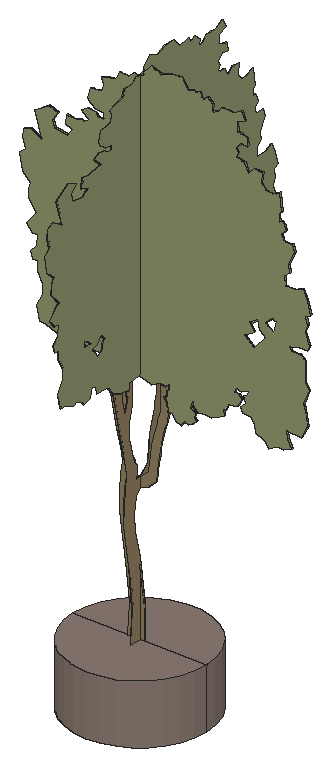
Revit family "L-PL낙엽교목_모감주나무", category 수목, Revit 2019
Family settings
  OmniClass 번호 = 23.40.05.00
  OmniClass 제목 = Plants and Planting Products
  작업 기준면 기반 = 아니오
  항상 수직 = 예
  로드될 때 보이드를 사용하여 절단 = 아니오
  렌더 모양 소스 = 패밀리 형상
  공유 = 아니오
Parameters (values of type "모감주나무")
  한국산업규격KS = ""
  콘 높이 = 뿌리분 직경 / 4  # 272.5 mm
  조달청표준공사코드-세부공종 = "10161599202809"
  뿌리분 직경 = (24 mm + ((R / 10) - 3 mm) * 5) * 10  # 1090 mm
  뿌리분 높이 = 뿌리분 직경 / 2  # 545 mm
  높이 = 5000 mm
  건설정보분류체계-부위분류 = "E985"
  R = 200 mm
  LIM_INFO_주의사항 = "재배포, 재가공, 판매 금지"
  LIM_INFO_제작일 = "20211210"
  LIM_INFO_버전 = "2022_V01"
  LIM_INFO_PL_학명 = "Quercus myrsinaefolia Bl."
  LIM_INFO_PL_품명 = "가시나무"
  LIM_INFO_PL_주당인정수량 = 0
  LIM_INFO_PL_수목단위 = "주"
  LIM_INFO_PL_규격 = "5.0H X 18R"
  LIM_INFO_PL_구분 = "상록교목"
  LIM_INFO_PL_가격 = 0
  LIM_INFO_PL_Qty [instance] = 0
  LIM_INFO_PL_M2당수량 = 0
  KBIMS_식별-버전 = ""
  KBIMS_식별-bSK등록번호 = ""
  KBIMS_보급정보-저작자 = "림인포테크_MMJ"
  KBIMS_보급정보-보급코드 = ""
  H = 높이  # 5000 mm
Reference planes
  plane 1 "중심(앞/뒤)": y = 0
  plane 2: z = 0
  plane 3 "중심(왼쪽/오른쪽)": x = 0
  plane 4: x = 482.5
  plane 5: x = -607.5
  plane 6: z = -545
  plane 7: z = -817.5
  plane 8: z = 5000
  plane 9: x = -100
  plane 10: x = 100
Forms (mm)
  Revolve 1, solid, material "흙"
    sketch origin (0, 0, 0) x (1, 0, 0) y (0, 0, 1)
      loop
        line (0, 0) -> (-607.5, 0) -> (-607.5, -545) -> (0, -545) -> (0, 0)
      axis (0, 0) -> (0, -545)
    angle from 0 to 360
  Revolve 2, solid, material "흙"
    sketch origin (0, 0, 0) x (1, 0, 0) y (0, 0, 1)
      loop
        line (0, -545) -> (-607.5, -545) -> (0, -817.5) -> (0, -545)
      axis (0, -545) -> (0, -817.5)
    angle from 0 to 360
Dimensions and locks
  "뿌리분 직경": plane 4 to plane 5
  "뿌리분 높이": plane 6 to level
  "콘 높이": plane 7 to plane 6
  "H": level to plane 8
  "R": plane 9 to plane 10
  aligned and locked: level to plane 2
Automatic sketch dimensions
  Revolve 1 sketch curve to level = 0 mm  (x2)
  Revolve 1 sketch curve to plane 5 = 0 mm
  Revolve 1 sketch curve to plane 3 "중심(왼쪽/오른쪽)" = 0 mm  (x2)
  Revolve 1 sketch curve to plane 6 = 0 mm  (x2)
  Revolve 2 sketch curve to plane 5 = 0 mm
  Revolve 2 sketch curve to plane 3 "중심(왼쪽/오른쪽)" = 0 mm  (x2)
  Revolve 2 sketch curve to plane 7 = 0 mm  (x2)
  Revolve 2 sketch curve to plane 6 = 0 mm  (x2)
Nested families
  nested 1: "모감주나무_base" at (0, 0, 0), type "모감주나무_base"
Definition of nested family "모감주나무_base"
  Parameters (values of type "모감주나무_base")
    Height = 6000 mm
  Reference planes
    plane 1 "중심(앞/뒤)": y = 0
    plane 2: z = 0
    plane 3 "중심(왼쪽/오른쪽)": x = 0
  Forms (mm)
    Revolve 1, solid, detail levels coarse
      sketch origin (0, 0, 0) x (1, 0, 0) y (0, 0, 1)
        loop
          line (0, 0) -> (75, 0) -> (75, 1996.077)
          arc (75, 1996.077) -> (857.545, 2292.562) -> (1218.931, 3047.334) r 1125.101
          arc (1218.931, 3047.334) -> (901.103, 4018.38) -> (0, 4500) r 1371.065
          line (0, 4500) -> (0, 0)
        axis (0, 4500) -> (0, 0)
      angle from 0 to 360
    Extrusion 2, solid, detail levels fine
      sketch origin (0, 0, 0) x (1, 0, 0) y (0, 0, 1)
        loop
          line (-488.206, 2210.811) -> (-368.802, 2212.676) -> (-325.892, 2147.401) -> (-236.339, 2100.776) -> (-124.397, 2085.856) -> (-120.666, 2141.806) -> (-11.239, 2153.162) -> (70.091, 2133.632) -> (119.365, 2111.431) -> (199.871, 2155.833) -> (240.819, 2139.182) -> (275.519, 2175.952) -> (274.179, 2126.809) -> (255.883, 2106.342) -> (256.754, 2075.425) -> (230.618, 2056.265) -> (252.399, 2020.994) -> (255.883, 1981.368) -> (261.981, 1948.709) -> (309.102, 1946.077) -> (336.373, 1899.189) -> (388.236, 1879.113) -> (416.141, 1913.983) -> (448.233, 1907.706) -> (490.789, 1927.93) -> (526.369, 1960.011) -> (503.347, 1987.906) -> (520.658, 2022.509) -> (473.733, 2054.714) -> (489.142, 2105.123) -> (507.352, 2065.965) -> (538.841, 2037.859) -> (607.443, 2040.108) -> (658.051, 2032.239) -> (694.038, 2060.343) -> (734.525, 2071.586) -> (777.259, 2097.442) -> (770.512, 2136.79) -> (794.128, 2149.156) -> (815.497, 2197.497) -> (859.356, 2206.49) -> (900.966, 2217.732) -> (938.115, 2282.764) -> (908.799, 2317.705) -> (867.08, 2318.833) -> (888.503, 2350.393) -> (934.732, 2347.011) -> (996.748, 2377.444) -> (985.473, 2332.359) -> (952.774, 2318.833) -> (971.942, 2256.84) -> (925.713, 2217.39) -> (940.371, 2179.067) -> (1011.406, 2164.415) -> (1055.381, 2122.71) -> (1061.019, 2055.082) -> (1143.33, 2016.758) -> (1181.667, 1964.91) -> (1261.723, 2009.996) -> (1318.101, 2006.614) -> (1389.859, 2039.382) -> (1352.262, 2111.658) -> (1343.586, 2169.479) -> (1476.621, 2160.806) -> (1534.463, 2267.774) -> (1520.002, 2360.287) -> (1499.758, 2447.018) -> (1551.816, 2565.55) -> (1514.218, 2623.371) -> (1511.327, 2796.833) -> (1467.971, 2836.705) -> (1394.296, 2829.907) -> (1372.76, 2868.43) -> (1462.304, 2892.224) -> (1530.31, 2884.293) -> (1556.38, 2938.679) -> (1545.046, 2951.142) -> (1510.894, 3033.52) -> (1534.493, 3095.217) -> (1518.155, 3162.357) -> (1561.722, 3185.948) -> (1530.863, 3298.453) -> (1494.557, 3378.295) -> (1434.653, 3351.076) -> (1329.367, 3347.447) -> (1325.737, 3429.104) -> (1372.276, 3467.82) -> (1364.322, 3538.252) -> (1418.869, 3643.9) -> (1398.414, 3707.516) -> (1320.001, 3700.7) -> (1299.159, 3758.308) -> (1340.638, 3799.058) -> (1326.334, 3840.521) -> (1306.31, 3867.687) -> (1283.425, 3849.1) -> (1275.559, 3913.44) -> (1299.159, 3937.747) -> (1282.113, 4090.185) -> (1223.568, 4059.094) -> (1157.705, 4057.265) -> (1115.625, 4108.473) -> (1126.602, 4198.087) -> (1053.421, 4203.574) -> (996.705, 4152.366) -> (963.32, 4222.772) -> (884.445, 4241.109) -> (904.623, 4279.616) -> (884.445, 4316.289) -> (930.303, 4365.797) -> (990.835, 4362.13) -> (983.498, 4429.975) -> (899.12, 4451.978) -> (897.285, 4530.825) -> (968.824, 4560.163) -> (935.806, 4633.509) -> (864.267, 4589.502) -> (809.238, 4596.836) -> (750.541, 4593.169) -> (721.191, 4547.328) -> (667.996, 4539.993) -> (673.499, 4595.003) -> (625.806, 4639.01) -> (574.343, 4606.274) -> (556, 4655.783) -> (451.443, 4635.613) -> (383.574, 4716.294) -> (291.859, 4708.959) -> (209.314, 4674.119) -> (112.096, 4712.626) -> (46.06, 4633.78) -> (47.895, 4604.441) -> (-19.974, 4589.772) -> (-41.987, 4600.773) -> (-90.469, 4557.69) -> (-178.861, 4561.372) -> (-200.959, 4493.261) -> (-269.095, 4482.215) -> (-342.755, 4456.444) -> (-318.815, 4412.264) -> (-331.706, 4355.198) -> (-372.219, 4342.312) -> (-444.068, 4336.656) -> (-464.325, 4251.978) -> (-444.068, 4213.32) -> (-394.348, 4180.185) -> (-324.371, 4172.822) -> (-322.529, 4130.483) -> (-363.043, 4128.642) -> (-398.031, 4154.414) -> (-462.483, 4163.618) -> (-517.729, 4130.483) -> (-449.593, 4064.213) -> (-576.657, 4034.759) -> (-654, 4045.804) -> (-668.732, 3964.807) -> (-600.596, 3940.877) -> (-644.792, 3885.652) -> (-765.193, 3901.21) -> (-782.912, 3960.251) -> (-732.709, 4034.051) -> (-812.441, 4063.571) -> (-948.285, 3977.963) -> (-915.8, 3862.834) -> (-886.269, 3768.369) -> (-983.722, 3821.506) -> (-1045.736, 3794.938) -> (-1054.596, 3724.089) -> (-1028.017, 3632.576) -> (-1081.173, 3591.248) -> (-1057.548, 3446.599) -> (-983.722, 3375.751) -> (-1001.44, 3316.711) -> (-1007.346, 3242.91) -> (-927.612, 3148.446) -> (-1023.449, 3032.67) -> (-969.788, 2970.681) -> (-921.596, 2970.681) -> (-933.808, 2873.536) -> (-980.956, 2816.978) -> (-965.633, 2759.243) -> (-925.557, 2759.243) -> (-925.557, 2679.121) -> (-877.23, 2587.217) -> (-877.23, 2553.047) -> (-877.23, 2496.49) -> (-931.45, 2401.05) -> (-906.604, 2277.831) -> (-848.822, 2271.062) -> (-748.905, 2230.811) -> (-728.027, 2248.7) -> (-672.104, 2226.339) -> (-639.236, 2187.605) -> (-574.802, 2210.338) -> (-553.505, 2302.197) -> (-501.266, 2277.952) -> (-488.206, 2210.811)
        loop
          line (962.928, 2817.724) -> (1052.032, 2741.144) -> (1152.546, 2858.097) -> (1095.743, 2906.915) -> (1079.732, 2989.614) -> (1006.117, 2940.454) -> (1049.478, 2875.523) -> (962.928, 2817.724)
        loop
          line (-566.275, 2594.773) -> (-512.271, 2556.535) -> (-480.77, 2508.175) -> (-428.012, 2542.542) -> (-428.012, 2589.15) -> (-403.142, 2620.641) -> (-451.519, 2675.749) -> (-494.272, 2613.892) -> (-547.149, 2594.773) -> (-566.275, 2594.773)
        loop
          line (-616.787, 2700.056) -> (-639.596, 2700.056) -> (-639.596, 2649.896) -> (-562.047, 2649.896) -> (-616.787, 2700.056)
        loop
          line (1250.82, 3023.929) -> (1211.533, 3040.001) -> (1151.78, 2980.773) -> (1220.496, 2921.715) -> (1250.82, 3023.929)
      from 0 to 5
    Extrusion 3, solid, detail levels fine
      sketch origin (0, 0, 0) x (1, 0, 0) y (0, 0, 1)
        loop
          line (-212.963, 1688.735) -> (-160.26, 1474.232) -> (-148.966, 1391.441) -> (-163.244, 1300.446) -> (-173.978, 1150.838) -> (-180.142, 992.679) -> (-161.649, 855.059) -> (-126.662, 657.351) -> (-108.992, 516.843) -> (-84.579, 276.812) -> (-102.684, 0.412) -> (47.316, 0.412) -> (47.316, 272.176) -> (-1.751, 671.093) -> (-56.94, 897.903) -> (-71.386, 1045.802) -> (-52.707, 1186.178) -> (-9.539, 1228.062) -> (94.575, 1277.561) -> (157.095, 1336.203) -> (176.506, 1496.086) -> (191.464, 1559.013) -> (193.011, 1611.652) -> (201.53, 1665.066) -> (234.829, 1801.309) -> (249.506, 1827.951) -> (256.512, 1862.464) -> (272.782, 1942.615) -> (258.246, 1944.021) -> (248.737, 2019.527) -> (226.667, 2057.886) -> (251.609, 2076.732) -> (251.609, 2107.166) -> (271.046, 2129.29) -> (271.046, 2164.64) -> (241.421, 2133.738) -> (200.671, 2150.009) -> (200.671, 2112.447) -> (194.619, 2019.847) -> (192.283, 1923.355) -> (171.265, 1848.652) -> (168.152, 1812.078) -> (136.92, 1698.157) -> (115.123, 1620.341) -> (108.896, 1543.304) -> (88.656, 1393.119) -> (16.846, 1330.563) -> (-49.835, 1313.106) -> (-42.691, 1375.795) -> (-43.484, 1443.245) -> (-70.474, 1473.399) -> (-124.752, 1684.296) -> (-123.759, 1738.87) -> (-129.437, 1821.495) -> (-123.003, 1861.082) -> (-91.816, 1942.235) -> (-89.836, 1984.792) -> (-94.787, 2064.955) -> (-94.787, 2139.676) -> (-115.082, 2137.696) -> (-118.361, 2079.533) -> (-151.751, 2082.57) -> (-141.498, 1995.849) -> (-175.411, 1893.36) -> (-207.151, 2032.903) -> (-207.151, 2091.811) -> (-238.502, 2095.729) -> (-304.636, 2128.048) -> (-253.2, 1880.261) -> (-212.963, 1688.735)
      from 0 to 5
    Extrusion 4, solid, detail levels fine
      sketch origin (0, 0, 0) x (0, 1, 0) y (0, 0, 1)
        loop
          line (-488.206, 2210.811) -> (-368.802, 2212.676) -> (-325.892, 2147.401) -> (-236.339, 2100.776) -> (-124.397, 2085.856) -> (-120.666, 2141.806) -> (-11.239, 2153.162) -> (70.091, 2133.632) -> (119.365, 2111.431) -> (199.871, 2155.833) -> (240.819, 2139.182) -> (275.519, 2175.952) -> (274.179, 2126.809) -> (255.883, 2106.342) -> (256.754, 2075.425) -> (230.618, 2056.265) -> (252.399, 2020.994) -> (255.883, 1981.368) -> (261.981, 1948.709) -> (309.102, 1946.077) -> (336.373, 1899.189) -> (388.236, 1879.113) -> (416.141, 1913.983) -> (448.233, 1907.706) -> (490.789, 1927.93) -> (526.369, 1960.011) -> (503.347, 1987.906) -> (520.658, 2022.509) -> (473.733, 2054.714) -> (489.142, 2105.123) -> (507.352, 2065.965) -> (538.841, 2037.859) -> (607.443, 2040.108) -> (658.051, 2032.239) -> (694.038, 2060.343) -> (734.525, 2071.586) -> (777.259, 2097.442) -> (770.512, 2136.79) -> (794.128, 2149.156) -> (815.497, 2197.497) -> (859.356, 2206.49) -> (900.966, 2217.732) -> (938.115, 2282.764) -> (908.799, 2317.705) -> (867.08, 2318.833) -> (888.503, 2350.393) -> (934.732, 2347.011) -> (996.748, 2377.444) -> (985.473, 2332.359) -> (952.774, 2318.833) -> (971.942, 2256.84) -> (925.713, 2217.39) -> (940.371, 2179.067) -> (1011.406, 2164.415) -> (1055.381, 2122.71) -> (1061.019, 2055.082) -> (1143.33, 2016.758) -> (1181.667, 1964.91) -> (1261.723, 2009.996) -> (1318.101, 2006.614) -> (1389.859, 2039.382) -> (1352.262, 2111.658) -> (1343.586, 2169.479) -> (1476.621, 2160.806) -> (1534.463, 2267.774) -> (1520.002, 2360.287) -> (1499.758, 2447.018) -> (1551.816, 2565.55) -> (1514.218, 2623.371) -> (1511.327, 2796.833) -> (1467.971, 2836.705) -> (1394.296, 2829.907) -> (1372.76, 2868.43) -> (1462.304, 2892.224) -> (1530.31, 2884.293) -> (1556.38, 2938.679) -> (1545.046, 2951.142) -> (1510.894, 3033.52) -> (1534.493, 3095.217) -> (1518.155, 3162.357) -> (1561.722, 3185.948) -> (1530.863, 3298.453) -> (1494.557, 3378.295) -> (1434.653, 3351.076) -> (1329.367, 3347.447) -> (1325.737, 3429.104) -> (1372.276, 3467.82) -> (1364.322, 3538.252) -> (1418.869, 3643.9) -> (1398.414, 3707.516) -> (1320.001, 3700.7) -> (1299.159, 3758.308) -> (1340.638, 3799.058) -> (1326.334, 3840.521) -> (1306.31, 3867.687) -> (1283.425, 3849.1) -> (1275.559, 3913.44) -> (1299.159, 3937.747) -> (1282.113, 4090.185) -> (1223.568, 4059.094) -> (1157.705, 4057.265) -> (1115.625, 4108.473) -> (1126.602, 4198.087) -> (1053.421, 4203.574) -> (996.705, 4152.366) -> (963.32, 4222.772) -> (884.445, 4241.109) -> (904.623, 4279.616) -> (884.445, 4316.289) -> (930.303, 4365.797) -> (990.835, 4362.13) -> (983.498, 4429.975) -> (899.12, 4451.978) -> (897.285, 4530.825) -> (968.824, 4560.163) -> (935.806, 4633.509) -> (864.267, 4589.502) -> (809.238, 4596.836) -> (750.541, 4593.169) -> (721.191, 4547.328) -> (667.996, 4539.993) -> (673.499, 4595.003) -> (625.806, 4639.01) -> (574.343, 4606.274) -> (556, 4655.783) -> (451.443, 4635.613) -> (383.574, 4716.294) -> (291.859, 4708.959) -> (209.314, 4674.119) -> (112.096, 4712.626) -> (46.06, 4633.78) -> (47.895, 4604.441) -> (-19.974, 4589.772) -> (-41.987, 4600.773) -> (-90.469, 4557.69) -> (-178.861, 4561.372) -> (-200.959, 4493.261) -> (-269.095, 4482.215) -> (-342.755, 4456.444) -> (-318.815, 4412.264) -> (-331.706, 4355.198) -> (-372.219, 4342.312) -> (-444.068, 4336.656) -> (-464.325, 4251.978) -> (-444.068, 4213.32) -> (-394.348, 4180.185) -> (-324.371, 4172.822) -> (-322.529, 4130.483) -> (-363.043, 4128.642) -> (-398.031, 4154.414) -> (-462.483, 4163.618) -> (-517.729, 4130.483) -> (-449.593, 4064.213) -> (-576.657, 4034.759) -> (-654, 4045.804) -> (-668.732, 3964.807) -> (-600.596, 3940.877) -> (-644.792, 3885.652) -> (-765.193, 3901.21) -> (-782.912, 3960.251) -> (-732.709, 4034.051) -> (-812.441, 4063.571) -> (-948.285, 3977.963) -> (-915.8, 3862.834) -> (-886.269, 3768.369) -> (-983.722, 3821.506) -> (-1045.736, 3794.938) -> (-1054.596, 3724.089) -> (-1028.017, 3632.576) -> (-1081.173, 3591.248) -> (-1057.548, 3446.599) -> (-983.722, 3375.751) -> (-1001.44, 3316.711) -> (-1007.346, 3242.91) -> (-927.612, 3148.446) -> (-1023.449, 3032.67) -> (-969.788, 2970.681) -> (-921.596, 2970.681) -> (-933.808, 2873.536) -> (-980.956, 2816.978) -> (-965.633, 2759.243) -> (-925.557, 2759.243) -> (-925.557, 2679.121) -> (-877.23, 2587.217) -> (-877.23, 2553.047) -> (-877.23, 2496.49) -> (-931.45, 2401.05) -> (-906.604, 2277.831) -> (-848.822, 2271.062) -> (-748.905, 2230.811) -> (-728.027, 2248.7) -> (-672.104, 2226.339) -> (-639.236, 2187.605) -> (-574.802, 2210.338) -> (-553.505, 2302.197) -> (-501.266, 2277.952) -> (-488.206, 2210.811)
        loop
          line (962.928, 2817.724) -> (1052.032, 2741.144) -> (1152.546, 2858.097) -> (1095.743, 2906.915) -> (1079.732, 2989.614) -> (1006.117, 2940.454) -> (1049.478, 2875.523) -> (962.928, 2817.724)
        loop
          line (-566.275, 2594.773) -> (-512.271, 2556.535) -> (-480.77, 2508.175) -> (-428.012, 2542.542) -> (-428.012, 2589.15) -> (-403.142, 2620.641) -> (-451.519, 2675.749) -> (-494.272, 2613.892) -> (-547.149, 2594.773) -> (-566.275, 2594.773)
        loop
          line (-616.787, 2700.056) -> (-639.596, 2700.056) -> (-639.596, 2649.896) -> (-562.047, 2649.896) -> (-616.787, 2700.056)
        loop
          line (1250.82, 3023.929) -> (1211.533, 3040.001) -> (1151.78, 2980.773) -> (1220.496, 2921.715) -> (1250.82, 3023.929)
      from 0 to 5
    Extrusion 5, solid, detail levels fine
      sketch origin (0, 0, 0) x (0, 1, 0) y (0, 0, 1)
        loop
          line (-212.963, 1688.735) -> (-160.26, 1474.232) -> (-148.966, 1391.441) -> (-163.244, 1300.446) -> (-173.978, 1150.838) -> (-180.142, 992.679) -> (-161.649, 855.059) -> (-126.662, 657.351) -> (-108.992, 516.843) -> (-84.579, 276.812) -> (-102.684, 0.412) -> (47.316, 0.412) -> (47.316, 272.176) -> (-1.751, 671.093) -> (-56.94, 897.903) -> (-71.386, 1045.802) -> (-52.707, 1186.178) -> (-9.539, 1228.062) -> (94.575, 1277.561) -> (157.095, 1336.203) -> (176.506, 1496.086) -> (191.464, 1559.013) -> (193.011, 1611.652) -> (201.53, 1665.066) -> (234.829, 1801.309) -> (249.506, 1827.951) -> (256.512, 1862.464) -> (272.782, 1942.615) -> (258.246, 1944.021) -> (248.737, 2019.527) -> (226.667, 2057.886) -> (251.609, 2076.732) -> (251.609, 2107.166) -> (271.046, 2129.29) -> (271.046, 2164.64) -> (241.421, 2133.738) -> (200.671, 2150.009) -> (200.671, 2112.447) -> (194.619, 2019.847) -> (192.283, 1923.355) -> (171.265, 1848.652) -> (168.152, 1812.078) -> (136.92, 1698.157) -> (115.123, 1620.341) -> (108.896, 1543.304) -> (88.656, 1393.119) -> (16.846, 1330.563) -> (-49.835, 1313.106) -> (-42.691, 1375.795) -> (-43.484, 1443.245) -> (-70.474, 1473.399) -> (-124.752, 1684.296) -> (-123.759, 1738.87) -> (-129.437, 1821.495) -> (-123.003, 1861.082) -> (-91.816, 1942.235) -> (-89.836, 1984.792) -> (-94.787, 2064.955) -> (-94.787, 2139.676) -> (-115.082, 2137.696) -> (-118.361, 2079.533) -> (-151.751, 2082.57) -> (-141.498, 1995.849) -> (-175.411, 1893.36) -> (-207.151, 2032.903) -> (-207.151, 2091.811) -> (-238.502, 2095.729) -> (-304.636, 2128.048) -> (-253.2, 1880.261) -> (-212.963, 1688.735)
      from 0 to 5
  Lines and regions (mm)
    symbolic lines
      curve 1: line (437.159, 683.902, 0) -> (804.669, 1320.447, 0)
      curve 2: line (337.673, 732.963, 0) -> (618.953, 1412.032, 0)
      curve 3: line (437.159, -784.899, 0) -> (804.669, -1421.444, 0)
      curve 4: line (529.39, -723.272, 0) -> (976.842, -1306.402, 0)
      curve 5: line (123.841, -891.256, 0) -> (219.78, -1619.987, 0)
      curve 6: line (232.635, -869.616, 0) -> (422.872, -1579.59, 0)
      curve 7: line (337.673, -833.96, 0) -> (618.953, -1513.029, 0)
      curve 8: line (529.39, 622.275, 0) -> (976.842, 1205.405, 0)
      curve 9: line (612.789, 549.137, 0) -> (1132.526, 1068.874, 0)
      curve 10: line (685.927, 465.739, 0) -> (1269.057, 913.19, 0)
      curve 11: line (-827.605, -161.187, 0) -> (-1556.336, -257.126, 0)
      curve 12: line (-834.859, -50.499, 0) -> (-1569.879, -50.499, 0)
      curve 13: line (-827.605, 60.189, 0) -> (-1556.336, 156.128, 0)
      curve 14: line (-805.964, 168.983, 0) -> (-1515.938, 359.22, 0)
      curve 15: line (-770.308, 274.022, 0) -> (-1449.378, 555.301, 0)
      curve 16: circle (0, -1.751, 0) r 94.543 normal (0, 0, 1)
      curve 17: arc (926.295, -1240.529, 0) -> (1500.32, -246.288, 0) -> (1203.183, 862.643, 0) r 1500
      curve 18: arc (587.178, 1335.321, 0) -> (-560.872, 1335.321, 0) -> (-1372.666, 523.526, 0) r 1500
      curve 19: arc (-1474.014, -246.288, 0) -> (-899.989, -1240.529, 0) -> (208.942, -1537.666, 0) r 1500
  Dimensions and locks
    aligned and locked: level to plane 2
